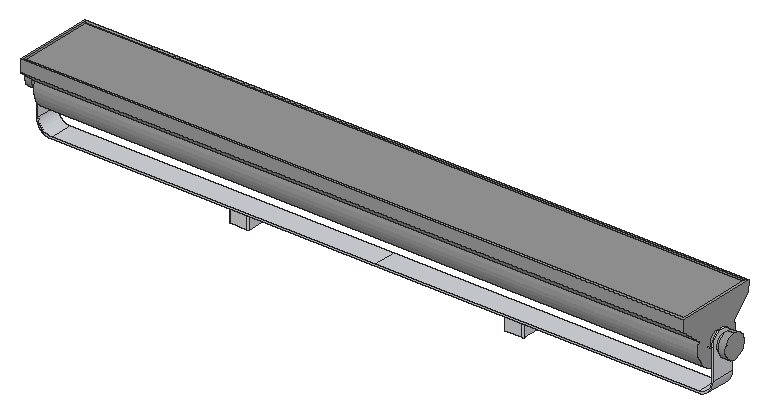
Revit family "Alcon-13126-26-Revit-Family", category Generic Models, host Face, Revit 2025
Family settings
  Host = Face
  Can host rebar = No
  Round Connector Dimension = Use Diameter
  Part Type = Normal
  Cut with Voids When Loaded = No
  Maintain Annotation Orientation = No
  Shared = No
  Room Calculation Point = No
Parameters
  URL = "https://www.alconlighting.com/?srsltid=AfmBOooDPhGQ0dEP-X2PMtxFfvvWpIAEL4jCll_O2F4_to5onvhnBomy"
  Product Page URL = "https://www.alconlighting.com/13126-26.html"
  Model = "13126-26"
  Manufacturer = "ALCON Lighter"
  Fixture Rotation = 90.00°
  Default Elevation = 4' - 0"
Reference planes (in)
  plane 1 "Center (Front/Back)": y = 0
  plane 2: z = 0
  plane 3 "Center (Left/Right)": x = 0
  plane 4: z = 2.21166
Forms (in)
  Extrusion 1, solid
    sketch origin (0, 0.03835, 2.21166) x (1, 0, 0) y (0, 0, -1)
      loop
        line (0, 1.64916) -> (12.0625, 1.64916)
        arc (12.0625, 1.64916) -> (12.41605, 1.50272) -> (12.5625, 1.14916) r 0.5
        line (12.5625, 1.14916) -> (12.5625, -0.50555) -> (12.625, -0.50555) -> (12.625, 1.14824)
        arc (12.625, 1.14824) -> (12.45998, 1.54664) -> (12.06158, 1.71166) r 0.56342
        line (12.06158, 1.71166) -> (0, 1.71166) -> (-12.06158, 1.71166)
        arc (-12.06158, 1.71166) -> (-12.45998, 1.54664) -> (-12.625, 1.14824) r 0.56342
        line (-12.625, 1.14824) -> (-12.625, -0.50546) -> (-12.5625, -0.50546) -> (-12.5625, 1.14916)
        arc (-12.5625, 1.14916) -> (-12.41605, 1.50272) -> (-12.0625, 1.64916) r 0.5
        line (-12.0625, 1.64916) -> (0, 1.64916)
    from -0.47585 to 0.39915
  Extrusion 2, solid
    sketch origin (5.125, 0, 0.5) x (-1, 0, 0) y (0, 1, 0)
      loop
        arc (-0.375, -0.3125) -> (-0.35669, -0.35669) -> (-0.3125, -0.375) r 0.0625
        line (-0.3125, -0.375) -> (0.3125, -0.375)
        arc (0.3125, -0.375) -> (0.35669, -0.35669) -> (0.375, -0.3125) r 0.0625
        line (0.375, -0.3125) -> (0.375, 0.3125)
        arc (0.375, 0.3125) -> (0.35669, 0.35669) -> (0.3125, 0.375) r 0.0625
        line (0.3125, 0.375) -> (-0.3125, 0.375)
        arc (-0.3125, 0.375) -> (-0.35669, 0.35669) -> (-0.375, 0.3125) r 0.0625
        line (-0.375, 0.3125) -> (-0.375, -0.3125)
    from 0 to 0.5
  Extrusion 3, void
    sketch origin (0, 0, 0) x (0, -1, 0) y (0, 0, 1)
      loop
        arc (-0.4375, 2.21166) -> (0, 2.64916) -> (0.4375, 2.21166) r 0.4375
        line (0.4375, 2.21166) -> (0.4375, 0.3496) -> (0.5625, 0.3496) -> (0.5625, 2.77416) -> (-0.5625, 2.77416) -> (-0.5625, 0.3496) -> (-0.4375, 0.3496) -> (-0.4375, 2.21166)
    from -13.50258 to 13.66502
  Extrusion 4, solid
    sketch origin (-5.125, 0, 0.5) x (-1, 0, 0) y (0, 1, 0)
      loop
        arc (-0.375, -0.3125) -> (-0.35669, -0.35669) -> (-0.3125, -0.375) r 0.0625
        line (-0.3125, -0.375) -> (0.3125, -0.375)
        arc (0.3125, -0.375) -> (0.35669, -0.35669) -> (0.375, -0.3125) r 0.0625
        line (0.375, -0.3125) -> (0.375, 0.3125)
        arc (0.375, 0.3125) -> (0.35669, 0.35669) -> (0.3125, 0.375) r 0.0625
        line (0.3125, 0.375) -> (-0.3125, 0.375)
        arc (-0.3125, 0.375) -> (-0.35669, 0.35669) -> (-0.375, 0.3125) r 0.0625
        line (-0.375, 0.3125) -> (-0.375, -0.3125)
    from 0 to 0.5
Cuts and joins
  Extrusion 3 cuts Extrusion 1
Lines and regions (in)
  model lines
    curve 1: line (-151.5, 0, -3.25) -> (-151.5, 0, -9)
Dimensions and locks (in)
  "Fixture Rotation": angle nested 1 to plane 4
  aligned and locked: plane 2 to host face
  aligned and locked: level to host face
Automatic sketch dimensions
  curve 1 to level = 0' - 9"
  curve 1 to plane 3 "Center (Left/Right)" = 12' - 7 1/2"
  curve 1 to level = 0' - 3 1/4"
  host sketch curve to host sketch curve = 8' - 0"  (x2)
  Extrusion 1 sketch curve to plane 3 "Center (Left/Right)" = 0' - 0"  (x2)
  level to Extrusion 1 sketch curve = 0' - 0 1/2"
  Extrusion 1 sketch curve to plane 3 "Center (Left/Right)" = 1' - 0.06158"
  Extrusion 1 sketch curve to Extrusion 1 sketch curve = 0' - 0.00092"  (x3)
  Extrusion 1 sketch curve to Extrusion 1 sketch curve = 0' - 0 1/2"
  Extrusion 1 sketch curve to Extrusion 1 sketch curve = 0' - 0 1/16"  (x2)
  level to Extrusion 1 sketch curve = 0' - 1.06342"
  plane 3 "Center (Left/Right)" to Extrusion 1 sketch curve = 1' - 0.06158"
  Extrusion 1 sketch curve to plane 4 = 0' - 0.50546"
  Extrusion 1 sketch curve to plane 4 = 0' - 0.50555"
  plane 1 "Center (Front/Back)" to Extrusion 2 sketch curve = 0' - 0 5/16"
  plane 3 "Center (Left/Right)" to Extrusion 2 sketch curve = 0' - 5 1/2"
  Extrusion 2 sketch curve to Extrusion 2 sketch curve = 0' - 0 1/16"  (x3)
  Extrusion 2 sketch curve to plane 1 "Center (Front/Back)" = 0' - 0 5/16"
  Extrusion 2 sketch curve to Extrusion 2 sketch curve = 0' - 0 5/8"  (x2)
  plane 4 to Extrusion 3 sketch curve = 0' - 0"
  Extrusion 3 sketch curve to plane 1 "Center (Front/Back)" = 0' - 0"
  Extrusion 3 sketch curve to plane 1 "Center (Front/Back)" = 0' - 0 7/16"
  Extrusion 3 sketch curve to Extrusion 3 sketch curve = 0' - 0 1/8"
  plane 1 "Center (Front/Back)" to Extrusion 3 sketch curve = 0' - 0 9/16"
  level to Extrusion 3 sketch curve = 0' - 0.3496"  (x2)
  Extrusion 3 sketch curve to plane 4 = 0' - 0 9/16"
  plane 1 "Center (Front/Back)" to Extrusion 4 sketch curve = 0' - 0 5/16"
  Extrusion 4 sketch curve to plane 3 "Center (Left/Right)" = 0' - 4 3/4"
  Extrusion 4 sketch curve to Extrusion 4 sketch curve = 0' - 0 1/16"  (x3)
  Extrusion 4 sketch curve to plane 1 "Center (Front/Back)" = 0' - 0 5/16"
  Extrusion 4 sketch curve to Extrusion 4 sketch curve = 0' - 0 5/8"  (x2)
Nested families (in)
  nested 1: "Alcon - 13126-26 Box_" at (0, 0, 2.21166) x (0, 0, -1) z (1, 0, 0), type "Alcon - 13126-26 Box_"
    with built-in parameter 1001306 0.1156 (stored number, unit not read)
Definition of nested family "Alcon - 13126-26 Box_"
  Parameters (values of type "Alcon - 13126-26 Box_")
    Wattage = 9.2903 W
    built-in parameter 1150110 = 1 (stored number, unit not read)
    built-in parameter 1114217 = 1 (stored number, unit not read)
    Tilt Angle = 60.00°
    built-in parameter 1150109 = 1 (stored number, unit not read)
    built-in parameter 1150134 = 3
    built-in parameter 1150113 = 1 (stored number, unit not read)
    built-in parameter 1010507 = 1.5708 (stored number, unit not read)
    built-in parameter 1010506 = 0.5236 (stored number, unit not read)
    built-in parameter 1150105 = 4614.1 (stored number, unit not read)
    Lumens = 1380 lm
    built-in parameter 1150115 = 1 (stored number, unit not read)
    Light Source Symbol Length = 10' - 0"
    built-in parameter 1150137 = (empty or 0)
    built-in parameter 1150139 = (empty or 0)
    built-in parameter 1001306 [instance] = 4' - 0"
    built-in parameter 1150112 = 1 (stored number, unit not read)
    built-in parameter 1150114 = 1 (stored number, unit not read)
    built-in parameter 1150132 = (empty or 0)
    built-in parameter 1150102 = (empty or 0)
    built-in parameter 1150107 = 3200 (stored number, unit not read)
    built-in parameter 1150138 = (empty or 0)
    built-in parameter 1150106 = 46.141 (stored number, unit not read)
    Glass Frosted = none
    built-in parameter 1150104 = 13.8 (stored number, unit not read)
    Dimming Lamp Color Temperature Shift = (empty or 0)
    Default Elevation = 0' - 0"
    Color Filter = 16777215
    Body = none
    built-in parameter 1114218 = 1 (stored number, unit not read)
    built-in parameter 1150133 = 10 (stored number, unit not read)
  Reference planes (in)
    plane 1 "Center (Front/Back)": y = 0
    plane 2: z = 0
    plane 3 "Left": x = 0
    plane 4 "Right": x = 48
  Forms (in)
    Extrusion 1, solid, material <- "Body"
      sketch origin (0, -0.82692, 2.54268) x (0, -1, 0) y (1, 0, 0)
        loop
          line (0.67308, -1.3125) -> (0.67308, -0.875) -> (0, -0.28606)
          arc (0, -0.28606) -> (-0.82692, 0.875) -> (-1.65384, -0.28606) r 0.875
          line (-1.65384, -0.28606) -> (-2.32692, -0.875) -> (-2.32692, -1.3125) -> (0.67308, -1.3125)
      from -14.91768 to 9.83232
    Extrusion 2, void
      sketch origin (0, 0, 0) x (1, 0, 0) y (0, 1, 0)
        loop
          line (-1.375, 1.4375) -> (-1.375, -1.4375) -> (-0.90336, -1.4375) -> (-0.30463, -0.75323) -> (-0.30463, 0.75323) -> (-0.90336, 1.4375) -> (-1.375, 1.4375)
      from -12.3125 to 12.3125
    Extrusion 3, solid, material <- "Glass Frosted"
      sketch origin (0, 0, 0) x (0, 1, 0) y (0, 0, 1)
        loop
          line (1.4375, 12.3125) -> (-1.4375, 12.3125) -> (-1.4375, -12.3125) -> (1.4375, -12.3125) -> (1.4375, 12.3125)
      from -1.26766 to -1.2223
    Extrusion 4, solid, material <- "Body"
      sketch origin (0, 0, 0) x (1, 0, 0) y (0, 1, 0)
        loop
          circle (0, 0) r 0.4375
      from -13.0625 to 13.0625
    Extrusion 5, void
      sketch origin (0, 0, 0) x (1, 0, 0) y (0, 1, 0)
        loop
          circle (0, 0) r 0.4375
        loop
          circle (0, 0) r 0.3125
      from -12.8125 to 12.8125
  Cuts and joins
    Extrusion 2 cuts Extrusion 1
    Extrusion 5 cuts Extrusion 4
  Lines and regions (in)
    reference lines
      curve 1: line (0, 0, 0) -> (48, 0, 0)
    model lines
      curve 2: line (0, 0, 0) -> (-13.25, 0, 0)
      curve 3: line (0, 0, 0) -> (-13.25, 0, 0)
      curve 4: line (0, 0, 0) -> (-13.25, 0, 0)
  Dimensions and locks (in)
    "built-in parameter 1001306": plane 3 "Left" to plane 4 "Right"
    cut or joined group of Extrusion 1, Extrusion 2 to Extrusion 3 = 2' - 0 11/16"
    aligned and locked: plane 4 "Right" to curve 1
    aligned and locked: plane 1 "Center (Front/Back)" to curve 1
    aligned and locked: plane 3 "Left" to curve 1
    aligned and locked: level to plane 2
  Automatic sketch dimensions
    Extrusion 1 sketch curve to Extrusion 1 sketch curve = 0' - 0.67308"  (x2)
    Extrusion 1 sketch curve to Extrusion 1 sketch curve = 0' - 0.82692"
    Extrusion 1 sketch curve to Extrusion 1 sketch curve = 0' - 0 7/16"
    plane 1 "Center (Front/Back)" to Extrusion 1 sketch curve = 0' - 0"
    Extrusion 1 sketch curve to plane 3 "Left" = 0' - 0"
    Extrusion 1 sketch curve to plane 3 "Left" = 0' - 0.28606"
    plane 1 "Center (Front/Back)" to Extrusion 1 sketch curve = 0' - 0.82692"
    Extrusion 1 sketch curve to plane 3 "Left" = 0' - 0 7/8"  (x2)
    Extrusion 2 sketch curve to plane 3 "Left" = 0' - 0.30463"
    Extrusion 2 sketch curve to plane 3 "Left" = 0' - 0.90336"  (x2)
    Extrusion 2 sketch curve to Extrusion 2 sketch curve = 0' - 0.47164"
    plane 1 "Center (Front/Back)" to Extrusion 2 sketch curve = 0' - 0.75323"
    Extrusion 2 sketch curve to Extrusion 2 sketch curve = 0' - 0.68427"  (x2)
    Extrusion 2 sketch curve to plane 1 "Center (Front/Back)" = 0' - 0.75323"
    Extrusion 3 sketch curve to plane 1 "Center (Front/Back)" = 0' - 1 7/16"
    level to Extrusion 3 sketch curve = 1' - 0 5/16"
    plane 1 "Center (Front/Back)" to Extrusion 3 sketch curve = 0' - 1 7/16"
    Extrusion 3 sketch curve to level = 1' - 0 5/16"
    plane 1 "Center (Front/Back)" to curve 2 = 0' - 0"
    curve 2 to plane 3 "Left" = 0' - 0"
    curve 2 to curve 2 = 1' - 1 1/4"
    plane 1 "Center (Front/Back)" to Extrusion 4 sketch curve = 0' - 0"
    Extrusion 4 sketch curve to plane 3 "Left" = 0' - 0"
    curve 3 to plane 3 "Left" = 0' - 0"
    plane 1 "Center (Front/Back)" to Extrusion 5 sketch curve = 0' - 0"
    Extrusion 5 sketch curve to plane 3 "Left" = 0' - 0"
    Extrusion 5 sketch curve to Extrusion 5 sketch curve = 0' - 0 7/16"
    Extrusion 5 sketch curve to Extrusion 5 sketch curve = 0' - 0"  (x2)
    Extrusion 5 sketch curve to Extrusion 5 sketch curve = 0' - 0 1/8"
    plane 1 "Center (Front/Back)" to curve 3 = 0' - 0"
    curve 3 to curve 2 = 0' - 0"
    curve 4 to plane 3 "Left" = 0' - 0"
    plane 1 "Center (Front/Back)" to curve 4 = 0' - 0"
    curve 4 to curve 3 = 0' - 0"
    radius of Extrusion 4 sketch curve = 0' - 0 7/16"
